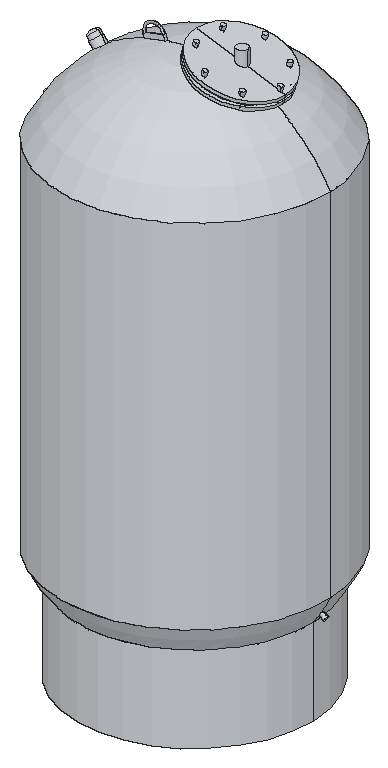
Revit family "NLA-2500", category Mechanical Equipment, Revit 2014
Parameters (values of type "NLA-2500")
  URL = "http://westank.com/"
  Top Clearence = B * 0.03194  # 3.25788"
  TankVolume = "660 Gallons"
  SystemConnectionAngle = 50.00°
  PartNumber = "22012500"
  OuterRadius = D / 2  # 21"
  Model = "NLA-2500"
  MaximumOperatingTemperature = "240°F"
  MaximumOperatingPressure = "125 PSIG"
  Manufacturer = "Wessels Company"
  InnerRadius = (D * 0.9844) / 2  # 20.6724"
  HandleAngle = 110.00°
  F = 3/4"
  DrainAngle = 63.00°
  D = 42"
  CylinderHeight = B * 0.90693  # 92.50686"
  Cyl TOp = B * 0.1616  # 16.4832"
  Cyl Middle = B * 0.62996  # 64.25592"
  Cyl Botttom = B * 0.07034  # 7.17468"
  C = 2"
  B = 102"
  ApproximateShipmentWeight = "1435 lbs"
  Angle = 50.00°
  A = 48"
Reference planes (in)
  plane 1 "Center (Front/Back)": y = 0
  plane 2: z = 0
  plane 3 "Center (Left/Right)": x = 0
  plane 4: x = -24
  plane 5: y = 1.9685
  plane 6: y = -1.9685
  plane 7: z = 102
  plane 8: x = 24
  plane 9: z = 62.8728
  plane 10: y = 0.15626
  plane 11: y = -0.15626
  plane 12: x = -24
  plane 13: x = 24
  plane 14: x = -21
  plane 15: x = 21
  plane 16: z = 98.74212
  plane 17: z = 21.21085
  plane 18: y = 0
  plane 19: y = 8.22887
  plane 20: y = -8.22887
  plane 21: through (22.02601, -180, 17.31489) normal (0.5592, 0, 0.829)
  plane 22: through (22.4454, -180, 17.93666) normal (0.5592, 0, 0.829)
  plane 23: z = 82.68292
  plane 24: z = 83.18292
  plane 25: z = 82.18292
  plane 26: x = 7.43107
  plane 27: x = 9.43107
  plane 28: through (22.02923, -180, 17.76505) normal (0.5592, 0, 0.829)
Forms (in)
  Revolve 1, solid
    sketch origin (0, 0, -5.125) x (1, 0, 0) y (0, 0, 1)
      loop
        arc (0, 103.86712) -> (-14.01651, 100.27983) -> (-24, 89.80792) r 26.23551
        line (-24, 89.80792) -> (-24, 25.552)
        arc (-24, 25.552) -> (-14.16408, 14.76815) -> (0, 11.24458) r 25.204
        line (0, 11.24458) -> (0, 103.86712)
      axis (0, 103.86712) -> (0, 11.24458)
    angle from 0 to 360
  Extrusion 2, solid
    sketch origin (0, 0, 0) x (1, 0, 0) y (0, 1, 0)
      loop
        circle (0, 0) r 21
      loop
        circle (0, 0) r 20.6724
    from 20.427 to 0
  Revolve 3, solid
    sketch origin (-12.98705, 0, 89.04606) x (-0.630136, 0, 0.776485) y (-0.776485, 0, -0.630136)
      loop
        line (5.44847, -0.0719) -> (5.44847, -1.16029) -> (6.95487, -1.16029) -> (6.95487, -1.12732) -> (7.76301, -1.12732)
        arc (7.76301, -1.12732) -> (8.10825, -0.65594) -> (8.12516, -0.0719) r 0.9835
        line (8.12516, -0.0719) -> (5.44847, -0.0719)
      axis (5.44847, -0.0719) -> (8.12516, -0.0719)
    angle from 0 to 360
  Sweep 4, solid
    path origin (-5.64412, 0, 92.85233) x (-0.231621, 0, 0.972806) y (-0.972806, 0, -0.231621)
      loop
        arc (6.10198, 1.75) -> (7.85198, 0) -> (6.10198, -1.75) r 1.75
    profile origin (-7.4628, 0, 100.49078) x (-0.231621, 0, 0.972806) y (0, -1, 0)
      loop
        circle (0, 0) r 0.15625
  Extrusion 5, solid
    sketch origin (-4.51496, 0, 88.1099) x (-0.231621, 0, 0.972806) y (-0.972806, 0, -0.231621)
      loop
        line (10.97698, 1.90561) -> (10, 1.90561) -> (10, -1.9095) -> (10.97698, -1.9095) -> (10.97698, 1.90561)
    from 0.15626 to -0.15626
  Revolve 6, solid
    sketch origin (7.36369, 0, 27.6128) x (0.829038, 0, -0.559193) y (0.559193, 0, 0.829038)
      loop
        line (17.91414, 0.03671) -> (19.19446, 0.03671) -> (19.19446, 0.41171) -> (17.91414, 0.41171) -> (17.91414, 0.03671)
      axis (17.91414, 0.03671) -> (19.19446, 0.03671)
    angle from 0 to 360
  Sweep 7, solid
    path origin (-18.70049, 0, 49.9357) x (-1, 0, 0) y (0, 0, -1)
      loop
        arc (6.10198, 1.75) -> (7.85198, 0) -> (6.10198, -1.75) r 1.75
    profile origin (-26.55247, 0, 49.9357) x (-1, 0, 0) y (0, -1, 0)
      loop
        circle (0, 0) r 0.15625
  Extrusion 8, solid
    sketch origin (-13.82549, 0, 49.9357) x (-1, 0, 0) y (0, 0, -1)
      loop
        line (10.97698, 1.90561) -> (10, 1.90561) -> (10, -1.9095) -> (10.97698, -1.9095) -> (10.97698, 1.90561)
    from 0.15626 to -0.15626
  Revolve 9, solid
    sketch origin (-1.371, 0, 64.91853) x (0.309017, 0, 0.951057) y (-0.951057, 0, 0.309017)
      loop
        line (36.13165, 1.56284) -> (32.39149, 1.56284) -> (32.39149, -4.42859)
        arc (32.39149, -4.42859) -> (33.38468, -4.24477) -> (34.36, -4.50735) r 2.28358
        line (34.36, -4.50735) -> (34.36, -6.67158) -> (34.95055, -6.67158) -> (34.95055, -6.0553) -> (35.5411, -6.0553) -> (35.5411, -6.67158) -> (36.13165, -6.67158) -> (36.13165, 1.56284)
      axis (32.39149, 1.56284) -> (36.13165, 1.56284)
    angle from 0 to 360
  Extrusion 10, solid
    sketch origin (8.57281, 0, 93.48349) x (1, 0, 0) y (0, 1, 0)
      loop
        circle (-0.14174, 0) r 1
    from 8.51651 to 5.25863
  Extrusion 11, solid
    sketch origin (11.6249, -10.13804, 98.69376) x (0.847863, -0.457098, -0.268682) y (0.435743, 0.889416, -0.138084)
      loop
        circle (-1.65206, 10.75183) r 0.3937
    from 0.59055 to -2.40615
  Extrusion 12, solid
    sketch origin (2.81455, -8.92579, 101.55642) x (0.182913, -0.98172, -0.052626) y (0.934709, 0.190247, -0.300208)
      loop
        circle (-1.65206, 10.75183) r 0.3937
    from 0.59055 to -2.40615
  Extrusion 13, solid
    sketch origin (-1.72337, -0.89336, 103.03088) x (-0.620272, -0.756211, 0.208344) y (0.720252, -0.654289, -0.230526)
      loop
        circle (-1.65206, 10.75183) r 0.3937
    from 0.59055 to -2.40615
  Extrusion 14, solid
    sketch origin (1.47855, 7.82168, 101.99051) x (-0.94798, 0.047116, 0.314823) y (-0.043762, -0.998885, 0.017717)
      loop
        circle (-1.65206, 10.75183) r 0.3937
    from 0.59055 to -2.40615
  Extrusion 15, solid
    sketch origin (9.97374, 10.5602, 99.23026) x (-0.549811, 0.814442, 0.18545) y (-0.773553, -0.580235, 0.25484)
      loop
        circle (-1.65206, 10.75183) r 0.3937
    from 0.59055 to -2.40615
  Extrusion 16, solid
    sketch origin (17.27104, 5.22969, 96.85922) x (0.269996, 0.959455, -0.080921) y (-0.911488, 0.281771, 0.299658)
      loop
        circle (-1.65206, 10.75183) r 0.3937
    from 0.59055 to -2.40615
  Extrusion 17, solid
    sketch origin (17.7946, -4.09681, 96.6891) x (0.885028, 0.371351, -0.280757) y (-0.352172, 0.928476, 0.117925)
      loop
        circle (-1.65206, 10.75183) r 0.3937
    from 0.59055 to -2.40615
  Extrusion 18, solid
    sketch origin (0, 0, 0) x (0, 1, 0) y (0, 0, 1)
      loop
        circle (0, 82.68292) r 0.5
    from -26.22755 to -23.55861
Cuts and joins
  joined: Revolve 1, Extrusion 2, Revolve 3, Extrusion 5, Revolve 6, Extrusion 8, Revolve 9, Extrusion 10, Extrusion 18
Lines and regions (in)
  reference lines
    curve 1: line (0, 0, 62.8728) -> (-4.66021, 0, 68.42662)
    curve 2: line (0, 0, 62.8728) -> (-2.47965, 0, 69.68557)
    curve 3: line (0, 0, 21.21085) -> (16.48362, 0, 12.81203)
Dimensions and locks (in)
  equal spacing: plane 5, plane 1 "Center (Front/Back)", plane 6
  "B": plane 7 to level
  equal spacing: plane 10, curve 2, plane 11
  equal spacing: plane 13, plane 3 "Center (Left/Right)", plane 12
  "A": plane 13 to plane 12
  equal spacing: plane 15, plane 3 "Center (Left/Right)", plane 14
  locked: Revolve 3 sketch curve to Revolve 3 sketch curve at 0.03297
  equal spacing: plane 19, plane 18, plane 20
  Revolve 6 sketch curve to Revolve 6 sketch curve = 3/8"
  locked: Revolve 9 sketch curve to Revolve 9 sketch curve at 0.59055  (x3)
  locked: Revolve 9 sketch curve to Revolve 9 sketch curve at 1.9685
  "F": plane 22 to plane 21
  Revolve 1 sketch curve to level = 6.11958"
  "Cyl Middle": Revolve 1 sketch curve to Revolve 1 sketch curve
  plane 16 to Revolve 1 sketch curve = 14.0592"
  "Top Clearence": plane 7 to plane 16
  equal spacing: plane 24, plane 23, plane 25
  locked: Extrusion 18 sketch curve to plane 18 at 0
  locked: Extrusion 18 sketch curve to plane 23
  plane 24 to plane 25 = 1"
  locked: Revolve 1 to plane 23 at 2
  "C": plane 26 to plane 27
  "D": plane 15 to plane 14
  "OuterRadius": radius of Extrusion 2 sketch curve
  "InnerRadius": radius of Extrusion 2 sketch curve
  "C": diameter of Extrusion 10 sketch curve
  "Angle": angle curve 1 to plane 9
  "HandleAngle": angle plane 9 to curve 2
  "DrainAngle": angle plane 3 "Center (Left/Right)" to curve 3
  aligned and locked: level to plane 2
  aligned and locked: Extrusion 2 to level
  aligned and locked: plane 4 to Revolve 1 sketch curve
  aligned and locked: plane 3 "Center (Left/Right)" to curve 1
  aligned and locked: plane 9 to curve 1
  aligned and locked: Revolve 3 sketch curve to Revolve 3 sketch curve
  aligned and locked: plane 9 to curve 2
  aligned and locked: plane 3 "Center (Left/Right)" to curve 2
  aligned and locked: Extrusion 5 sketch curve to Sweep 4
  aligned and locked: Extrusion 5 to plane 11
  aligned and locked: plane 10 to Extrusion 5
  aligned and locked: plane 17 to curve 3
  aligned and locked: plane 3 "Center (Left/Right)" to curve 3
  aligned and locked: plane 16 to Revolve 1 sketch curve
  aligned and locked: Extrusion 8 sketch curve to Sweep 7
  aligned and locked: Revolve 9 sketch curve to Revolve 9 sketch curve
  aligned and locked: Revolve 6 sketch curve to plane 22
  aligned and locked: plane 7 to Extrusion 10
  aligned and locked: plane 26 to Extrusion 10
  aligned and locked: plane 27 to Extrusion 10
  aligned and locked: Revolve 6 sketch curve to Revolve 6 sketch curve
Automatic sketch dimensions
  curve 1 to Revolve 3 sketch curve = 26.70619"
  Revolve 3 sketch curve to Revolve 3 sketch curve = 1.5064"
  Revolve 3 sketch curve to Revolve 3 sketch curve = 0"
  Revolve 3 sketch curve to Revolve 3 sketch curve = 0.22312"
  Revolve 3 sketch curve to Revolve 3 sketch curve = 0.80814"
  Revolve 3 sketch curve to Revolve 3 sketch curve = 0.94717"
  Revolve 3 sketch curve to curve 1 = 7.68767"
  Revolve 3 sketch curve to Revolve 3 sketch curve = 0.79058"
  Revolve 3 sketch curve to Revolve 3 sketch curve = 5.44847"
  Revolve 3 sketch curve to Revolve 3 sketch curve = 0.07201"
  curve 2 to Sweep 4 sketch curve = 29.37169"
  Sweep 4 sketch curve to curve 2 = 2.2875"
  Sweep 4 sketch curve to Sweep 4 sketch curve = 1 3/4"
  Sweep 4 sketch curve to profile plane = 0"
  profile plane to Sweep 4 sketch curve = 0"
  Extrusion 5 sketch curve to Extrusion 5 sketch curve = 0.97698"
  Extrusion 5 sketch curve to curve 2 = 4.197"
  Extrusion 5 sketch curve to Extrusion 5 sketch curve = 3.81511"
  curve 2 to Sweep 7 sketch curve = 24.80247"
  curve 2 to Sweep 7 sketch curve = 12.9371"
  Sweep 7 sketch curve to Sweep 7 sketch curve = 1 3/4"
  Sweep 7 sketch curve to profile plane = 0"
  profile plane to Sweep 7 sketch curve = 0"
  Extrusion 8 sketch curve to Extrusion 8 sketch curve = 0.97698"
  curve 2 to Extrusion 8 sketch curve = 11.0276"
  Extrusion 8 sketch curve to Extrusion 8 sketch curve = 3.81511"
  Revolve 9 sketch curve to plane 16 = 2.53451"
  plane 3 "Center (Left/Right)" to Revolve 9 sketch curve = 7.15217"
  Revolve 9 sketch curve to Revolve 9 sketch curve = 1.06661"
  Revolve 9 sketch curve to Revolve 9 sketch curve = 5.99143"
  Revolve 9 sketch curve to Revolve 9 sketch curve = 0.07876"
  Revolve 9 sketch curve to Revolve 9 sketch curve = 1.54795"
  Revolve 9 sketch curve to Revolve 9 sketch curve = 0.61629"
  Revolve 9 sketch curve to Revolve 9 sketch curve = 8.25878"
  Revolve 9 sketch curve to Revolve 9 sketch curve = 0.00107"
  Revolve 9 sketch curve to Revolve 9 sketch curve = 0"
  curve 3 to Revolve 6 sketch curve = 2.07688"
  Revolve 6 sketch curve to Revolve 6 sketch curve = 1.28033"
  Revolve 6 sketch curve to Revolve 6 sketch curve = 0.24906"
  Revolve 6 sketch curve to Revolve 6 sketch curve = 0.68306"
  Revolve 1 sketch curve to plane 3 "Center (Left/Right)" = 0"  (x2)
  Revolve 1 sketch curve to plane 3 "Center (Left/Right)" = 1.25819"
  Revolve 1 sketch curve to plane 3 "Center (Left/Right)" = 0.75556"
  Revolve 1 sketch curve to Revolve 1 sketch curve = 0"
  Revolve 1 sketch curve to plane 16 = 1.18638"
  Extrusion 2 sketch curve to Extrusion 2 sketch curve = 0"  (x2)
  plane 1 "Center (Front/Back)" to Extrusion 2 sketch curve = 0"
  Extrusion 2 sketch curve to plane 3 "Center (Left/Right)" = 0"
  plane 1 "Center (Front/Back)" to Extrusion 10 sketch curve = 0"
  Extrusion 10 sketch curve to plane 26 = 1"
  radius of Extrusion 11 sketch curve = 0.3937"
  radius of Extrusion 12 sketch curve = 0.3937"
  radius of Extrusion 13 sketch curve = 0.3937"
  radius of Extrusion 14 sketch curve = 0.3937"
  radius of Extrusion 15 sketch curve = 0.3937"
  radius of Extrusion 16 sketch curve = 0.3937"
  radius of Extrusion 17 sketch curve = 0.3937"
  radius of Sweep 4 sketch curve = 5/32"
  radius of Sweep 7 sketch curve = 5/32"
  radius of Extrusion 18 sketch curve = 1/2"
Connectors (in)
  piping at (23.29715, 0, 16.90982), diameter 0.75, driven by "F"
    settings: on Revolve 6, index 2, connector inside diameter 24", connector length 0", flow factor 0, pipe flow 0 GPM, pressure drop 0.00 psi, fitting loss kfactor 0, connector angle 0.00°, fixture units 0, engagement length 0", angle of deflection 0.00°, flow configuration 0, flow direction 0, fitting loss method 0, system type 7, joint type 0, gender type 0, connector reference index -1, connector utility 0, adjustable connector no, is connector primary yes, connector description ""
  piping at (8.43107, 0, 102), diameter 2, driven by "C"
    settings: on Extrusion 10, index 3, connector inside diameter 24", connector length 0", flow factor 0, pipe flow 0 GPM, pressure drop 0.00 psi, fitting loss kfactor 0, connector angle 0.00°, fixture units 0, engagement length 0", angle of deflection 0.00°, flow configuration 0, flow direction 0, fitting loss method 0, system type 7, joint type 0, gender type 0, connector reference index -1, connector utility 0, adjustable connector no, is connector primary no, connector description ""
